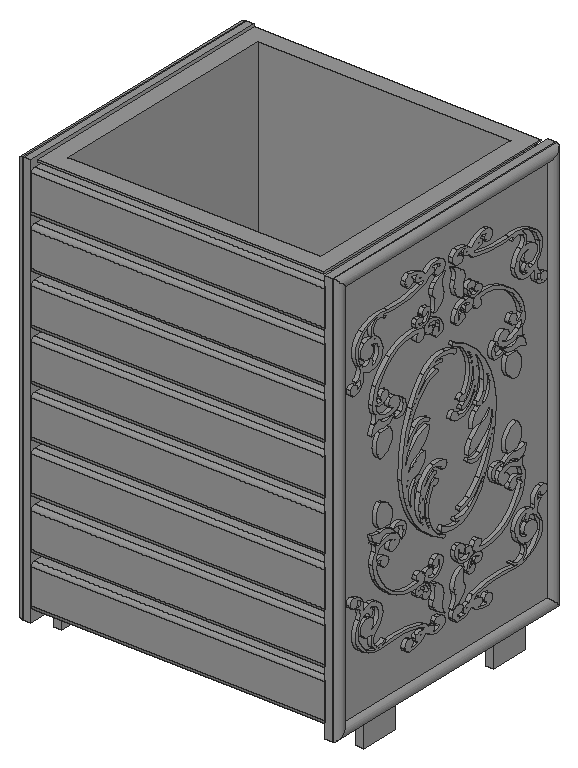
Revit family "Урна чугунная «Ампир КОМБИ-2» Арт 7292", category Антураж, Revit 2018 (continued)
Automatic sketch dimensions
  Extrusion 13 sketch curve to Extrusion 13 sketch curve = 34.094 mm
  Extrusion 13 sketch curve to Extrusion 13 sketch curve = 30.647 mm  (x2)
  Extrusion 13 sketch curve to Extrusion 13 sketch curve = 79.198 mm
  Extrusion 13 sketch curve to Extrusion 13 sketch curve = 0.737 mm  (x4)
  Extrusion 13 sketch curve to Extrusion 13 sketch curve = 83.206 mm
  Extrusion 13 sketch curve to Extrusion 13 sketch curve = 9.611 mm  (x4)
  Extrusion 13 sketch curve to Extrusion 13 sketch curve = 16.217 mm  (x2)
  Extrusion 13 sketch curve to Extrusion 13 sketch curve = 65.778 mm
  Extrusion 13 sketch curve to Extrusion 13 sketch curve = 65.807 mm
  Extrusion 13 sketch curve to Extrusion 13 sketch curve = 5.869 mm  (x2)
  Extrusion 13 sketch curve to Extrusion 13 sketch curve = 79.193 mm
  Extrusion 13 sketch curve to Extrusion 13 sketch curve = 26.635 mm
  Extrusion 13 sketch curve to Extrusion 13 sketch curve = 5.48 mm  (x2)
  Extrusion 13 sketch curve to Extrusion 13 sketch curve = 5.101 mm
  Extrusion 13 sketch curve to Extrusion 13 sketch curve = 8.572 mm  (x2)
  Extrusion 13 sketch curve to Extrusion 13 sketch curve = 0 mm  (x6)
  Extrusion 13 sketch curve to Extrusion 13 sketch curve = 1.003 mm  (x6)
  Extrusion 13 sketch curve to Extrusion 13 sketch curve = 4.439 mm  (x2)
  Extrusion 13 sketch curve to Extrusion 13 sketch curve = 4.163 mm  (x4)
  Extrusion 13 sketch curve to Extrusion 13 sketch curve = 1.131 mm  (x2)
  Extrusion 13 sketch curve to Extrusion 13 sketch curve = 4.133 mm  (x2)
  Extrusion 14 sketch curve to Extrusion 14 sketch curve = 0 mm  (x58)
  Extrusion 14 sketch curve to plane 1 "По центру (Вперед/Назад)" = 90.278 mm
  Extrusion 14 sketch curve to Extrusion 14 sketch curve = 19.785 mm
  Extrusion 14 sketch curve to Extrusion 14 sketch curve = 24.099 mm  (x2)
  Extrusion 14 sketch curve to Extrusion 14 sketch curve = 3.085 mm  (x2)
  Extrusion 14 sketch curve to Extrusion 14 sketch curve = 3.268 mm  (x2)
  Extrusion 14 sketch curve to Extrusion 14 sketch curve = 0.804 mm  (x2)
  Extrusion 14 sketch curve to Extrusion 14 sketch curve = 0.713 mm  (x2)
  Extrusion 14 sketch curve to Extrusion 14 sketch curve = 16.19 mm  (x2)
  Extrusion 14 sketch curve to Extrusion 14 sketch curve = 7.142 mm  (x2)
  Extrusion 14 sketch curve to Extrusion 14 sketch curve = 0.668 mm  (x3)
  Extrusion 14 sketch curve to Extrusion 14 sketch curve = 0.747 mm
  Extrusion 14 sketch curve to Extrusion 14 sketch curve = 1.985 mm  (x2)
  Extrusion 14 sketch curve to Extrusion 14 sketch curve = 5.226 mm  (x2)
  Extrusion 14 sketch curve to Extrusion 14 sketch curve = 10.014 mm  (x2)
  Extrusion 14 sketch curve to Extrusion 14 sketch curve = 0.521 mm  (x2)
  Extrusion 14 sketch curve to Extrusion 14 sketch curve = 9.939 mm
  Extrusion 14 sketch curve to Extrusion 14 sketch curve = 10.054 mm
  Extrusion 14 sketch curve to Extrusion 14 sketch curve = 4.485 mm
  Extrusion 14 sketch curve to Extrusion 14 sketch curve = 9.757 mm  (x2)
  Extrusion 14 sketch curve to Extrusion 14 sketch curve = 17.764 mm
  Extrusion 14 sketch curve to Extrusion 14 sketch curve = 6.447 mm  (x2)
  Extrusion 14 sketch curve to Extrusion 14 sketch curve = 1.53 mm  (x2)
  Extrusion 14 sketch curve to Extrusion 14 sketch curve = 14.218 mm  (x2)
  Extrusion 14 sketch curve to Extrusion 14 sketch curve = 3.509 mm  (x2)
  Extrusion 14 sketch curve to Extrusion 14 sketch curve = 0.439 mm  (x2)
  Extrusion 14 sketch curve to Extrusion 14 sketch curve = 0.489 mm  (x2)
  Extrusion 14 sketch curve to Extrusion 14 sketch curve = 12.036 mm
  Extrusion 14 sketch curve to Extrusion 14 sketch curve = 4.477 mm  (x2)
  Extrusion 14 sketch curve to Extrusion 14 sketch curve = 2.143 mm
  Extrusion 14 sketch curve to Extrusion 14 sketch curve = 4.299 mm  (x2)
  Extrusion 14 sketch curve to Extrusion 14 sketch curve = 1.27 mm  (x2)
  Extrusion 14 sketch curve to Extrusion 14 sketch curve = 1.348 mm
  Extrusion 14 sketch curve to Extrusion 14 sketch curve = 4.606 mm  (x4)
  Extrusion 14 sketch curve to Extrusion 14 sketch curve = 0.436 mm  (x2)
  Extrusion 14 sketch curve to Extrusion 14 sketch curve = 2.289 mm  (x2)
  Extrusion 14 sketch curve to Extrusion 14 sketch curve = 6.781 mm
  Extrusion 14 sketch curve to Extrusion 14 sketch curve = 8.581 mm  (x2)
  Extrusion 14 sketch curve to Extrusion 14 sketch curve = 3.621 mm  (x2)
  Extrusion 14 sketch curve to Extrusion 14 sketch curve = 2.417 mm
  Extrusion 14 sketch curve to Extrusion 14 sketch curve = 5.774 mm
  Extrusion 14 sketch curve to Extrusion 14 sketch curve = 1.417 mm
  Extrusion 14 sketch curve to Extrusion 14 sketch curve = 1.915 mm  (x2)
  Extrusion 14 sketch curve to Extrusion 14 sketch curve = 0.619 mm
  Extrusion 14 sketch curve to Extrusion 14 sketch curve = 2.552 mm
  Extrusion 14 sketch curve to Extrusion 14 sketch curve = 3.149 mm
  Extrusion 14 sketch curve to Extrusion 14 sketch curve = 0.973 mm  (x2)
  Extrusion 14 sketch curve to Extrusion 14 sketch curve = 2.964 mm
  Extrusion 14 sketch curve to Extrusion 14 sketch curve = 0.869 mm  (x2)
  Extrusion 14 sketch curve to Extrusion 14 sketch curve = 0.536 mm  (x2)
  Extrusion 14 sketch curve to Extrusion 14 sketch curve = 4.014 mm  (x2)
  Extrusion 14 sketch curve to Extrusion 14 sketch curve = 1.28 mm  (x2)
  Extrusion 14 sketch curve to Extrusion 14 sketch curve = 7.725 mm
  Extrusion 14 sketch curve to Extrusion 14 sketch curve = 2.492 mm  (x2)
  Extrusion 14 sketch curve to Extrusion 14 sketch curve = 3.598 mm  (x2)
  Extrusion 14 sketch curve to Extrusion 14 sketch curve = 4.198 mm
  Extrusion 14 sketch curve to Extrusion 14 sketch curve = 1.249 mm
  Extrusion 14 sketch curve to Extrusion 14 sketch curve = 0.221 mm  (x4)
  Extrusion 14 sketch curve to Extrusion 14 sketch curve = 2.024 mm  (x2)
  Extrusion 14 sketch curve to Extrusion 14 sketch curve = 0.61 mm  (x2)
  Extrusion 14 sketch curve to Extrusion 14 sketch curve = 8.733 mm  (x2)
  Extrusion 14 sketch curve to Extrusion 14 sketch curve = 0.056 mm
  Extrusion 14 sketch curve to Extrusion 14 sketch curve = 1.423 mm
  Extrusion 14 sketch curve to Extrusion 14 sketch curve = 12.648 mm
  Extrusion 14 sketch curve to Extrusion 14 sketch curve = 1.065 mm
  Extrusion 14 sketch curve to Extrusion 14 sketch curve = 0.477 mm
  Extrusion 14 sketch curve to Extrusion 14 sketch curve = 20.74 mm
  Extrusion 14 sketch curve to Extrusion 14 sketch curve = 8.19 mm
  Extrusion 14 sketch curve to Extrusion 14 sketch curve = 0.497 mm
  Extrusion 14 sketch curve to Extrusion 14 sketch curve = 4.244 mm
  Extrusion 14 sketch curve to Extrusion 14 sketch curve = 21.609 mm
  Extrusion 14 sketch curve to Extrusion 14 sketch curve = 5.381 mm
  Extrusion 14 sketch curve to Extrusion 14 sketch curve = 9.464 mm
  Extrusion 14 sketch curve to Extrusion 14 sketch curve = 7.192 mm
  Extrusion 14 sketch curve to Extrusion 14 sketch curve = 5.852 mm
  Extrusion 14 sketch curve to Extrusion 14 sketch curve = 0.706 mm
  Extrusion 14 sketch curve to Extrusion 14 sketch curve = 11.843 mm
  Extrusion 14 sketch curve to Extrusion 14 sketch curve = 23.338 mm
  Extrusion 14 sketch curve to Extrusion 14 sketch curve = 7.366 mm
  Extrusion 14 sketch curve to Extrusion 14 sketch curve = 2.574 mm
  Extrusion 14 sketch curve to Extrusion 14 sketch curve = 11.177 mm
  Extrusion 14 sketch curve to plane 6 = 156.099 mm
  Extrusion 14 sketch curve to Extrusion 14 sketch curve = 8.035 mm  (x2)
  Extrusion 14 sketch curve to Extrusion 14 sketch curve = 1.232 mm  (x2)
  Extrusion 14 sketch curve to Extrusion 14 sketch curve = 9.162 mm  (x2)
  Extrusion 14 sketch curve to Extrusion 14 sketch curve = 13.801 mm
  Extrusion 14 sketch curve to Extrusion 14 sketch curve = 4.504 mm
  Extrusion 14 sketch curve to Extrusion 14 sketch curve = 1.206 mm  (x2)
  Extrusion 14 sketch curve to Extrusion 14 sketch curve = 3.444 mm
  Extrusion 14 sketch curve to Extrusion 14 sketch curve = 1.493 mm
  Extrusion 14 sketch curve to Extrusion 14 sketch curve = 2.238 mm  (x2)
  Extrusion 14 sketch curve to Extrusion 14 sketch curve = 0.236 mm  (x2)
  Extrusion 14 sketch curve to Extrusion 14 sketch curve = 3.199 mm
  Extrusion 14 sketch curve to Extrusion 14 sketch curve = 1.774 mm  (x2)
  Extrusion 14 sketch curve to Extrusion 14 sketch curve = 4.309 mm  (x2)
  Extrusion 14 sketch curve to Extrusion 14 sketch curve = 0.528 mm  (x2)
  Extrusion 14 sketch curve to Extrusion 14 sketch curve = 1.857 mm
  Extrusion 14 sketch curve to Extrusion 14 sketch curve = 2.675 mm  (x2)
  Extrusion 14 sketch curve to Extrusion 14 sketch curve = 0.051 mm  (x2)
  Extrusion 14 sketch curve to Extrusion 14 sketch curve = 1.115 mm  (x2)
  Extrusion 14 sketch curve to Extrusion 14 sketch curve = 0.463 mm  (x2)
  Extrusion 14 sketch curve to Extrusion 14 sketch curve = 10.068 mm
  Extrusion 14 sketch curve to Extrusion 14 sketch curve = 13.197 mm
  Extrusion 14 sketch curve to Extrusion 14 sketch curve = 4.235 mm
  Extrusion 14 sketch curve to Extrusion 14 sketch curve = 0.644 mm  (x2)
  Extrusion 14 sketch curve to Extrusion 14 sketch curve = 0.967 mm
  Extrusion 14 sketch curve to Extrusion 14 sketch curve = 19.732 mm
  Extrusion 14 sketch curve to Extrusion 14 sketch curve = 7.359 mm  (x2)
  Extrusion 14 sketch curve to Extrusion 14 sketch curve = 2.912 mm
  Extrusion 14 sketch curve to Extrusion 14 sketch curve = 5.976 mm
  Extrusion 14 sketch curve to Extrusion 14 sketch curve = 4.49 mm  (x2)
  Extrusion 14 sketch curve to Extrusion 14 sketch curve = 7.627 mm
  Extrusion 14 sketch curve to Extrusion 14 sketch curve = 3.982 mm  (x2)
  Extrusion 14 sketch curve to Extrusion 14 sketch curve = 7.861 mm  (x2)
  Extrusion 14 sketch curve to Extrusion 14 sketch curve = 11.421 mm
  Extrusion 14 sketch curve to Extrusion 14 sketch curve = 6.295 mm  (x2)
  Extrusion 14 sketch curve to Extrusion 14 sketch curve = 6.903 mm
  Extrusion 14 sketch curve to Extrusion 14 sketch curve = 6.161 mm  (x2)
  Extrusion 14 sketch curve to Extrusion 14 sketch curve = 9.813 mm  (x2)
  Extrusion 14 sketch curve to Extrusion 14 sketch curve = 3.262 mm  (x2)
  Extrusion 14 sketch curve to Extrusion 14 sketch curve = 2.678 mm  (x2)
  Extrusion 14 sketch curve to Extrusion 14 sketch curve = 3.283 mm  (x2)
  Extrusion 14 sketch curve to Extrusion 14 sketch curve = 6.422 mm  (x2)
  Extrusion 14 sketch curve to Extrusion 14 sketch curve = 7.221 mm  (x2)
  Extrusion 14 sketch curve to Extrusion 14 sketch curve = 4.5 mm
  Extrusion 14 sketch curve to Extrusion 14 sketch curve = 1.529 mm  (x2)
  Extrusion 14 sketch curve to Extrusion 14 sketch curve = 1.192 mm  (x2)
  Extrusion 14 sketch curve to Extrusion 14 sketch curve = 7.073 mm  (x2)
  Extrusion 14 sketch curve to Extrusion 14 sketch curve = 22.921 mm
  Extrusion 14 sketch curve to Extrusion 14 sketch curve = 14.095 mm  (x2)
  Extrusion 14 sketch curve to Extrusion 14 sketch curve = 5.021 mm
  Extrusion 14 sketch curve to Extrusion 14 sketch curve = 5.457 mm  (x2)
  Extrusion 14 sketch curve to Extrusion 14 sketch curve = 2.177 mm  (x2)
  Extrusion 14 sketch curve to Extrusion 14 sketch curve = 2.934 mm  (x2)
  Extrusion 14 sketch curve to Extrusion 14 sketch curve = 1.556 mm  (x2)
  Extrusion 14 sketch curve to Extrusion 14 sketch curve = 2.583 mm  (x2)
  Extrusion 14 sketch curve to Extrusion 14 sketch curve = 3.039 mm  (x2)
  Extrusion 14 sketch curve to Extrusion 14 sketch curve = 8.562 mm  (x2)
  Extrusion 14 sketch curve to Extrusion 14 sketch curve = 12.578 mm
  Extrusion 14 sketch curve to Extrusion 14 sketch curve = 0.259 mm
  Extrusion 14 sketch curve to Extrusion 14 sketch curve = 17.337 mm
  Extrusion 14 sketch curve to Extrusion 14 sketch curve = 4.624 mm
  Extrusion 14 sketch curve to Extrusion 14 sketch curve = 3.828 mm
  Extrusion 14 sketch curve to Extrusion 14 sketch curve = 6.194 mm
  Extrusion 14 sketch curve to Extrusion 14 sketch curve = 9.707 mm
  Extrusion 14 sketch curve to Extrusion 14 sketch curve = 12.75 mm
  Extrusion 14 sketch curve to Extrusion 14 sketch curve = 1.578 mm
  Extrusion 14 sketch curve to Extrusion 14 sketch curve = 0.212 mm
  Extrusion 14 sketch curve to Extrusion 14 sketch curve = 4.167 mm
  Extrusion 14 sketch curve to Extrusion 14 sketch curve = 4.748 mm
  Extrusion 14 sketch curve to Extrusion 14 sketch curve = 12.682 mm
  Extrusion 14 sketch curve to Extrusion 14 sketch curve = 0.217 mm
  Extrusion 14 sketch curve to Extrusion 14 sketch curve = 1.831 mm
  Extrusion 14 sketch curve to Extrusion 14 sketch curve = 2.726 mm
  Extrusion 14 sketch curve to Extrusion 14 sketch curve = 0.745 mm
  Extrusion 14 sketch curve to Extrusion 14 sketch curve = 4.711 mm
  Extrusion 14 sketch curve to Extrusion 14 sketch curve = 9.441 mm
  Extrusion 14 sketch curve to Extrusion 14 sketch curve = 18.304 mm
  Extrusion 14 sketch curve to Extrusion 14 sketch curve = 18.337 mm
  Extrusion 14 sketch curve to Extrusion 14 sketch curve = 5.431 mm
  Extrusion 14 sketch curve to Extrusion 14 sketch curve = 5.297 mm
  Extrusion 14 sketch curve to Extrusion 14 sketch curve = 0.917 mm
  Extrusion 14 sketch curve to Extrusion 14 sketch curve = 3.433 mm  (x2)
  Extrusion 14 sketch curve to Extrusion 14 sketch curve = 3.109 mm
  Extrusion 14 sketch curve to Extrusion 14 sketch curve = 4.398 mm
  Extrusion 14 sketch curve to Extrusion 14 sketch curve = 4.386 mm
  Extrusion 14 sketch curve to Extrusion 14 sketch curve = 5.964 mm
  Extrusion 14 sketch curve to Extrusion 14 sketch curve = 3.229 mm  (x2)
  Extrusion 14 sketch curve to Extrusion 14 sketch curve = 8.819 mm
  Extrusion 14 sketch curve to Extrusion 14 sketch curve = 8.486 mm
  Extrusion 14 sketch curve to Extrusion 14 sketch curve = 8.76 mm
  Extrusion 14 sketch curve to Extrusion 14 sketch curve = 4.538 mm  (x2)
  Extrusion 14 sketch curve to Extrusion 14 sketch curve = 3.755 mm  (x2)
  Extrusion 14 sketch curve to Extrusion 14 sketch curve = 6.482 mm
  Extrusion 14 sketch curve to Extrusion 14 sketch curve = 0.92 mm  (x3)
  Extrusion 14 sketch curve to Extrusion 14 sketch curve = 13.179 mm
  Extrusion 14 sketch curve to Extrusion 14 sketch curve = 3.079 mm
  Extrusion 14 sketch curve to Extrusion 14 sketch curve = 1.204 mm  (x2)
  Extrusion 14 sketch curve to Extrusion 14 sketch curve = 1.752 mm
  Extrusion 14 sketch curve to Extrusion 14 sketch curve = 0.588 mm  (x2)
  Extrusion 14 sketch curve to Extrusion 14 sketch curve = 5.313 mm  (x2)
  Extrusion 14 sketch curve to Extrusion 14 sketch curve = 3.976 mm
  Extrusion 14 sketch curve to Extrusion 14 sketch curve = 1.916 mm
  Extrusion 14 sketch curve to Extrusion 14 sketch curve = 4.507 mm  (x2)
  Extrusion 14 sketch curve to Extrusion 14 sketch curve = 13.579 mm  (x2)
  Extrusion 14 sketch curve to Extrusion 14 sketch curve = 0.748 mm  (x2)
  Extrusion 14 sketch curve to Extrusion 14 sketch curve = 0.966 mm  (x2)
  Extrusion 14 sketch curve to Extrusion 14 sketch curve = 9.541 mm
  Extrusion 14 sketch curve to Extrusion 14 sketch curve = 1.763 mm  (x2)
  Extrusion 14 sketch curve to Extrusion 14 sketch curve = 1.654 mm
  Extrusion 14 sketch curve to Extrusion 14 sketch curve = 0.811 mm  (x2)
  Extrusion 14 sketch curve to Extrusion 14 sketch curve = 1.615 mm  (x2)
  Extrusion 14 sketch curve to Extrusion 14 sketch curve = 7.118 mm
  Extrusion 14 sketch curve to Extrusion 14 sketch curve = 2.449 mm
  Extrusion 14 sketch curve to Extrusion 14 sketch curve = 1.451 mm
  Extrusion 14 sketch curve to Extrusion 14 sketch curve = 0.749 mm
  Extrusion 14 sketch curve to Extrusion 14 sketch curve = 0.357 mm
  Extrusion 14 sketch curve to Extrusion 14 sketch curve = 0.409 mm
  Extrusion 14 sketch curve to Extrusion 14 sketch curve = 7.887 mm
  Extrusion 14 sketch curve to Extrusion 14 sketch curve = 1.139 mm
  Extrusion 14 sketch curve to Extrusion 14 sketch curve = 1.016 mm
  Extrusion 14 sketch curve to Extrusion 14 sketch curve = 9.341 mm
  Extrusion 14 sketch curve to Extrusion 14 sketch curve = 1.332 mm
  Extrusion 14 sketch curve to Extrusion 14 sketch curve = 1.268 mm
  Extrusion 14 sketch curve to Extrusion 14 sketch curve = 4.853 mm
  Extrusion 14 sketch curve to Extrusion 14 sketch curve = 0.783 mm
  Extrusion 14 sketch curve to Extrusion 14 sketch curve = 5.653 mm
  Extrusion 14 sketch curve to Extrusion 14 sketch curve = 0.101 mm
  Extrusion 14 sketch curve to Extrusion 14 sketch curve = 11.02 mm
  Extrusion 14 sketch curve to Extrusion 14 sketch curve = 1.992 mm
  Extrusion 14 sketch curve to Extrusion 14 sketch curve = 0.274 mm
  Extrusion 14 sketch curve to Extrusion 14 sketch curve = 4.446 mm
  Extrusion 15 sketch curve to plane 1 "По центру (Вперед/Назад)" = 54.744 mm  (x2)
  Extrusion 15 sketch curve to Extrusion 15 sketch curve = 13.536 mm  (x4)
  Extrusion 15 sketch curve to Extrusion 15 sketch curve = 1.598 mm  (x4)
  Extrusion 15 sketch curve to Extrusion 15 sketch curve = 5.85 mm  (x2)
  Extrusion 15 sketch curve to Extrusion 15 sketch curve = 20.828 mm  (x2)
  Extrusion 15 sketch curve to Extrusion 15 sketch curve = 1.958 mm  (x2)
  Extrusion 15 sketch curve to Extrusion 15 sketch curve = 0.1 mm  (x4)
  Extrusion 15 sketch curve to Extrusion 15 sketch curve = 2.198 mm  (x2)
  Extrusion 15 sketch curve to Extrusion 15 sketch curve = 1.473 mm  (x4)
  Extrusion 15 sketch curve to Extrusion 15 sketch curve = 1.069 mm  (x4)
  Extrusion 15 sketch curve to Extrusion 15 sketch curve = 1.754 mm  (x4)
  Extrusion 15 sketch curve to Extrusion 15 sketch curve = 8.476 mm  (x2)
  Extrusion 15 sketch curve to Extrusion 15 sketch curve = 0.588 mm  (x4)
  Extrusion 15 sketch curve to Extrusion 15 sketch curve = 1.788 mm  (x2)
  Extrusion 15 sketch curve to Extrusion 15 sketch curve = 0.285 mm  (x4)
  Extrusion 15 sketch curve to Extrusion 15 sketch curve = 18.667 mm  (x2)
  Extrusion 15 sketch curve to Extrusion 15 sketch curve = 12.65 mm  (x4)
  Extrusion 15 sketch curve to Extrusion 15 sketch curve = 3.04 mm  (x4)
  Extrusion 15 sketch curve to Extrusion 15 sketch curve = 0.288 mm  (x4)
  Extrusion 15 sketch curve to Extrusion 15 sketch curve = 10.526 mm  (x2)
  Extrusion 15 sketch curve to Extrusion 15 sketch curve = 0.886 mm  (x2)
  Extrusion 15 sketch curve to Extrusion 15 sketch curve = 1.139 mm  (x4)
  Extrusion 15 sketch curve to Extrusion 15 sketch curve = 0.657 mm  (x2)
  Extrusion 15 sketch curve to Extrusion 15 sketch curve = 1.358 mm  (x4)
  Extrusion 15 sketch curve to Extrusion 15 sketch curve = 92.074 mm  (x2)
  Extrusion 15 sketch curve to Extrusion 15 sketch curve = 0.701 mm  (x2)
  Extrusion 15 sketch curve to Extrusion 15 sketch curve = 0.911 mm  (x2)
  Extrusion 15 sketch curve to Extrusion 15 sketch curve = 8.084 mm  (x2)
  Extrusion 15 sketch curve to Extrusion 15 sketch curve = 17.181 mm  (x2)
  Extrusion 15 sketch curve to Extrusion 15 sketch curve = 1.2 mm  (x2)
  Extrusion 15 sketch curve to Extrusion 15 sketch curve = 6.242 mm  (x2)
  Extrusion 15 sketch curve to Extrusion 15 sketch curve = 2.098 mm  (x2)
  Extrusion 15 sketch curve to Extrusion 15 sketch curve = 14.736 mm  (x2)
  Extrusion 15 sketch curve to Extrusion 15 sketch curve = 2.057 mm  (x2)
  Extrusion 15 sketch curve to Extrusion 15 sketch curve = 4.252 mm  (x2)
  Extrusion 15 sketch curve to plane 6 = 120.167 mm
  Extrusion 15 sketch curve to Extrusion 15 sketch curve = 0.024 mm  (x4)
  Extrusion 15 sketch curve to Extrusion 15 sketch curve = 0.749 mm  (x2)
  Extrusion 15 sketch curve to Extrusion 15 sketch curve = 1.265 mm  (x4)
  Extrusion 15 sketch curve to Extrusion 15 sketch curve = 1.983 mm
  Extrusion 15 sketch curve to Extrusion 15 sketch curve = 2.387 mm  (x4)
  Extrusion 15 sketch curve to Extrusion 15 sketch curve = 36.746 mm  (x2)
  Extrusion 15 sketch curve to Extrusion 15 sketch curve = 4.55 mm  (x4)
  Extrusion 15 sketch curve to Extrusion 15 sketch curve = 4.658 mm  (x2)
  Extrusion 15 sketch curve to Extrusion 15 sketch curve = 0.612 mm  (x2)
  Extrusion 15 sketch curve to Extrusion 15 sketch curve = 0.148 mm  (x2)
  Extrusion 15 sketch curve to Extrusion 15 sketch curve = 0.827 mm  (x4)
  Extrusion 15 sketch curve to Extrusion 15 sketch curve = 1.799 mm  (x4)
  Extrusion 15 sketch curve to Extrusion 15 sketch curve = 2.21 mm  (x4)
  Extrusion 15 sketch curve to Extrusion 15 sketch curve = 0.21 mm  (x4)
  Extrusion 15 sketch curve to Extrusion 15 sketch curve = 7.892 mm  (x2)
  Extrusion 15 sketch curve to Extrusion 15 sketch curve = 3.437 mm  (x4)
  Extrusion 15 sketch curve to Extrusion 15 sketch curve = 9.775 mm  (x2)
  Extrusion 15 sketch curve to Extrusion 15 sketch curve = 1.652 mm  (x4)
  Extrusion 15 sketch curve to Extrusion 15 sketch curve = 4.551 mm  (x4)
  Extrusion 15 sketch curve to Extrusion 15 sketch curve = 0.412 mm  (x4)
  Extrusion 15 sketch curve to Extrusion 15 sketch curve = 1.72 mm  (x4)
  Extrusion 15 sketch curve to Extrusion 15 sketch curve = 0.414 mm  (x4)
  Extrusion 15 sketch curve to Extrusion 15 sketch curve = 21.257 mm  (x2)
  Extrusion 15 sketch curve to Extrusion 15 sketch curve = 31.371 mm  (x4)
  Extrusion 15 sketch curve to Extrusion 15 sketch curve = 88.545 mm
  Extrusion 15 sketch curve to Extrusion 15 sketch curve = 88.547 mm
  Extrusion 15 sketch curve to Extrusion 15 sketch curve = 3.578 mm  (x2)
  Extrusion 15 sketch curve to Extrusion 15 sketch curve = 1.279 mm  (x2)
  Extrusion 15 sketch curve to Extrusion 15 sketch curve = 9.565 mm  (x2)
  Extrusion 15 sketch curve to Extrusion 15 sketch curve = 2.78 mm  (x2)
  Extrusion 15 sketch curve to Extrusion 15 sketch curve = 0.678 mm  (x2)
  Extrusion 15 sketch curve to Extrusion 15 sketch curve = 0.868 mm  (x2)
  Extrusion 15 sketch curve to Extrusion 15 sketch curve = 52.733 mm  (x2)
  Extrusion 15 sketch curve to Extrusion 15 sketch curve = 0.54 mm  (x2)
  Extrusion 15 sketch curve to Extrusion 15 sketch curve = 11.57 mm  (x2)
  Extrusion 15 sketch curve to Extrusion 15 sketch curve = 4.021 mm  (x2)
  Extrusion 15 sketch curve to Extrusion 15 sketch curve = 0 mm  (x47)
  Extrusion 15 sketch curve to Extrusion 15 sketch curve = 3.587 mm  (x2)
  Extrusion 15 sketch curve to Extrusion 15 sketch curve = 1.596 mm  (x6)
  Extrusion 15 sketch curve to Extrusion 15 sketch curve = 4.505 mm  (x4)
  Extrusion 15 sketch curve to Extrusion 15 sketch curve = 1.822 mm  (x4)
  Extrusion 15 sketch curve to Extrusion 15 sketch curve = 1.868 mm  (x2)
  Extrusion 15 sketch curve to Extrusion 15 sketch curve = 3.173 mm  (x2)
  Extrusion 15 sketch curve to Extrusion 15 sketch curve = 1.973 mm  (x3)
  Extrusion 15 sketch curve to Extrusion 15 sketch curve = 2.333 mm  (x3)
  Extrusion 15 sketch curve to Extrusion 15 sketch curve = 2.048 mm  (x3)
  Extrusion 15 sketch curve to Extrusion 15 sketch curve = 3.375 mm  (x2)
  Extrusion 15 sketch curve to Extrusion 15 sketch curve = 0.039 mm  (x4)
  Extrusion 15 sketch curve to Extrusion 15 sketch curve = 6.894 mm  (x2)
  Extrusion 15 sketch curve to Extrusion 15 sketch curve = 0.628 mm  (x2)
  Extrusion 15 sketch curve to Extrusion 15 sketch curve = 5.165 mm  (x2)
  Extrusion 15 sketch curve to Extrusion 15 sketch curve = 0.297 mm  (x2)
  Extrusion 15 sketch curve to Extrusion 15 sketch curve = 0.654 mm  (x2)
  Extrusion 16 sketch curve to plane 1 "По центру (Вперед/Назад)" = 66.984 mm  (x2)
  Extrusion 16 sketch curve to Extrusion 16 sketch curve = 1.806 mm  (x4)
  Extrusion 16 sketch curve to Extrusion 16 sketch curve = 5.666 mm  (x2)
  Extrusion 16 sketch curve to Extrusion 16 sketch curve = 4.155 mm  (x4)
  Extrusion 16 sketch curve to Extrusion 16 sketch curve = 6.752 mm  (x2)
  Extrusion 16 sketch curve to Extrusion 16 sketch curve = 4.477 mm  (x2)
  Extrusion 16 sketch curve to Extrusion 16 sketch curve = 1.809 mm  (x4)
  Extrusion 16 sketch curve to Extrusion 16 sketch curve = 3.503 mm  (x4)
  Extrusion 16 sketch curve to Extrusion 16 sketch curve = 6.015 mm  (x2)
  Extrusion 16 sketch curve to Extrusion 16 sketch curve = 4.895 mm  (x4)
  Extrusion 16 sketch curve to Extrusion 16 sketch curve = 34.322 mm  (x2)
  Extrusion 16 sketch curve to Extrusion 16 sketch curve = 1.011 mm  (x4)
  Extrusion 16 sketch curve to Extrusion 16 sketch curve = 0.572 mm  (x4)
  Extrusion 16 sketch curve to Extrusion 16 sketch curve = 0.232 mm  (x4)
  Extrusion 16 sketch curve to Extrusion 16 sketch curve = 1.974 mm  (x2)
  Extrusion 16 sketch curve to Extrusion 16 sketch curve = 0.495 mm  (x4)
  Extrusion 16 sketch curve to Extrusion 16 sketch curve = 1.368 mm  (x2)
  Extrusion 16 sketch curve to Extrusion 16 sketch curve = 0.206 mm  (x4)
  Extrusion 16 sketch curve to Extrusion 16 sketch curve = 1.659 mm  (x4)
  Extrusion 16 sketch curve to Extrusion 16 sketch curve = 0.322 mm  (x4)
  Extrusion 16 sketch curve to Extrusion 16 sketch curve = 3.323 mm  (x2)
  Extrusion 16 sketch curve to Extrusion 16 sketch curve = 0.188 mm  (x4)
  Extrusion 16 sketch curve to Extrusion 16 sketch curve = 2.481 mm  (x4)
  Extrusion 16 sketch curve to Extrusion 16 sketch curve = 0.198 mm  (x4)
  Extrusion 16 sketch curve to Extrusion 16 sketch curve = 1.476 mm  (x2)
  Extrusion 16 sketch curve to Extrusion 16 sketch curve = 14.09 mm  (x2)
  Extrusion 16 sketch curve to Extrusion 16 sketch curve = 0.85 mm  (x4)
  Extrusion 16 sketch curve to Extrusion 16 sketch curve = 0.863 mm  (x4)
  Extrusion 16 sketch curve to Extrusion 16 sketch curve = 1.955 mm  (x2)
  Extrusion 16 sketch curve to Extrusion 16 sketch curve = 0.663 mm  (x4)
  Extrusion 16 sketch curve to Extrusion 16 sketch curve = 0.74 mm  (x4)
  Extrusion 16 sketch curve to Extrusion 16 sketch curve = 2.212 mm  (x2)
  Extrusion 16 sketch curve to Extrusion 16 sketch curve = 1.394 mm  (x4)
  Extrusion 16 sketch curve to Extrusion 16 sketch curve = 0.481 mm  (x4)
  Extrusion 16 sketch curve to Extrusion 16 sketch curve = 0.36 mm  (x4)
  Extrusion 16 sketch curve to Extrusion 16 sketch curve = 2.034 mm  (x4)
  Extrusion 16 sketch curve to Extrusion 16 sketch curve = 2.139 mm  (x2)
  Extrusion 16 sketch curve to Extrusion 16 sketch curve = 0.207 mm  (x4)
  Extrusion 16 sketch curve to Extrusion 16 sketch curve = 1.598 mm  (x2)
  Extrusion 16 sketch curve to Extrusion 16 sketch curve = 2.032 mm  (x4)
  Extrusion 16 sketch curve to Extrusion 16 sketch curve = 0.295 mm  (x4)
  Extrusion 16 sketch curve to Extrusion 16 sketch curve = 0.428 mm  (x2)
  Extrusion 16 sketch curve to Extrusion 16 sketch curve = 34.111 mm  (x2)
  Extrusion 16 sketch curve to Extrusion 16 sketch curve = 0.134 mm  (x2)
  Extrusion 16 sketch curve to Extrusion 16 sketch curve = 1.391 mm  (x2)
  Extrusion 16 sketch curve to Extrusion 16 sketch curve = 2.346 mm  (x2)
  Extrusion 16 sketch curve to Extrusion 16 sketch curve = 3.706 mm  (x2)
  Extrusion 16 sketch curve to Extrusion 16 sketch curve = 1.756 mm  (x2)
  Extrusion 16 sketch curve to Extrusion 16 sketch curve = 1.646 mm  (x2)
  Extrusion 16 sketch curve to Extrusion 16 sketch curve = 1.278 mm  (x2)
  Extrusion 16 sketch curve to Extrusion 16 sketch curve = 3.189 mm  (x2)
  Extrusion 16 sketch curve to Extrusion 16 sketch curve = 3.061 mm  (x2)
  Extrusion 16 sketch curve to Extrusion 16 sketch curve = 1.742 mm  (x2)
  Extrusion 16 sketch curve to Extrusion 16 sketch curve = 49.504 mm  (x2)
  Extrusion 16 sketch curve to Extrusion 16 sketch curve = 4.192 mm  (x2)
  Extrusion 16 sketch curve to Extrusion 16 sketch curve = 6.286 mm  (x2)
  Extrusion 16 sketch curve to Extrusion 16 sketch curve = 11.23 mm  (x2)
  Extrusion 16 sketch curve to Extrusion 16 sketch curve = 16.574 mm  (x2)
  Extrusion 16 sketch curve to plane 6 = 97.886 mm
  Extrusion 16 sketch curve to Extrusion 16 sketch curve = 0.405 mm  (x2)
  Extrusion 16 sketch curve to Extrusion 16 sketch curve = 0.409 mm  (x2)
  Extrusion 16 sketch curve to Extrusion 16 sketch curve = 1.118 mm  (x4)
  Extrusion 16 sketch curve to Extrusion 16 sketch curve = 0.49 mm  (x4)
  Extrusion 16 sketch curve to Extrusion 16 sketch curve = 0.987 mm  (x4)
  Extrusion 16 sketch curve to Extrusion 16 sketch curve = 1.637 mm
  Extrusion 16 sketch curve to Extrusion 16 sketch curve = 0.671 mm  (x4)
  Extrusion 16 sketch curve to Extrusion 16 sketch curve = 1.833 mm  (x4)
  Extrusion 16 sketch curve to Extrusion 16 sketch curve = 1.024 mm  (x4)
  Extrusion 16 sketch curve to Extrusion 16 sketch curve = 2.552 mm  (x2)
  Extrusion 16 sketch curve to Extrusion 16 sketch curve = 0.121 mm  (x8)
  Extrusion 16 sketch curve to Extrusion 16 sketch curve = 2.479 mm  (x2)
  Extrusion 16 sketch curve to Extrusion 16 sketch curve = 0.083 mm  (x4)
  Extrusion 16 sketch curve to Extrusion 16 sketch curve = 0.126 mm  (x2)
  Extrusion 16 sketch curve to Extrusion 16 sketch curve = 2.097 mm  (x2)
  Extrusion 16 sketch curve to Extrusion 16 sketch curve = 8.501 mm  (x2)
  Extrusion 16 sketch curve to Extrusion 16 sketch curve = 0.171 mm  (x2)
  Extrusion 16 sketch curve to Extrusion 16 sketch curve = 0.878 mm  (x4)
  Extrusion 16 sketch curve to Extrusion 16 sketch curve = 3.036 mm  (x2)
  Extrusion 16 sketch curve to Extrusion 16 sketch curve = 0.255 mm  (x4)
  Extrusion 16 sketch curve to Extrusion 16 sketch curve = 2.081 mm  (x2)
  Extrusion 16 sketch curve to Extrusion 16 sketch curve = 3.001 mm  (x2)
  Extrusion 16 sketch curve to Extrusion 16 sketch curve = 0.438 mm  (x4)
  Extrusion 16 sketch curve to Extrusion 16 sketch curve = 0.653 mm  (x2)
  Extrusion 16 sketch curve to Extrusion 16 sketch curve = 0.98 mm  (x4)
  Extrusion 16 sketch curve to Extrusion 16 sketch curve = 2.214 mm  (x2)
  Extrusion 16 sketch curve to Extrusion 16 sketch curve = 1.872 mm  (x4)
  Extrusion 16 sketch curve to Extrusion 16 sketch curve = 3.536 mm  (x4)
  Extrusion 16 sketch curve to Extrusion 16 sketch curve = 1.323 mm  (x4)
  Extrusion 16 sketch curve to Extrusion 16 sketch curve = 0.571 mm  (x4)
  Extrusion 16 sketch curve to Extrusion 16 sketch curve = 0.648 mm  (x4)
  Extrusion 16 sketch curve to Extrusion 16 sketch curve = 1.313 mm  (x4)
  Extrusion 16 sketch curve to Extrusion 16 sketch curve = 2.617 mm  (x2)
  Extrusion 16 sketch curve to Extrusion 16 sketch curve = 52.563 mm  (x2)
  Extrusion 16 sketch curve to Extrusion 16 sketch curve = 2.332 mm  (x2)
  Extrusion 16 sketch curve to Extrusion 16 sketch curve = 1.831 mm  (x4)
  Extrusion 16 sketch curve to Extrusion 16 sketch curve = 6.917 mm  (x4)
  Extrusion 16 sketch curve to Extrusion 16 sketch curve = 8.119 mm  (x2)
  Extrusion 16 sketch curve to Extrusion 16 sketch curve = 3.477 mm  (x2)
  Extrusion 16 sketch curve to Extrusion 16 sketch curve = 2.186 mm  (x4)
  Extrusion 16 sketch curve to Extrusion 16 sketch curve = 1.367 mm  (x4)
  Extrusion 16 sketch curve to Extrusion 16 sketch curve = 9.64 mm  (x4)
  Extrusion 16 sketch curve to Extrusion 16 sketch curve = 21.299 mm  (x4)
  Extrusion 16 sketch curve to Extrusion 16 sketch curve = 72.046 mm
  Extrusion 16 sketch curve to Extrusion 16 sketch curve = 72.157 mm
  Extrusion 16 sketch curve to Extrusion 16 sketch curve = 5.663 mm  (x2)
  Extrusion 16 sketch curve to Extrusion 16 sketch curve = 4.679 mm  (x2)
  Extrusion 16 sketch curve to Extrusion 16 sketch curve = 3.957 mm  (x2)
  Extrusion 16 sketch curve to Extrusion 16 sketch curve = 50.036 mm
  Extrusion 16 sketch curve to Extrusion 16 sketch curve = 1.087 mm  (x2)
  Extrusion 16 sketch curve to Extrusion 16 sketch curve = 1.708 mm  (x2)
  Extrusion 16 sketch curve to Extrusion 16 sketch curve = 2.153 mm
  Extrusion 16 sketch curve to Extrusion 16 sketch curve = 1.439 mm  (x2)
  Extrusion 16 sketch curve to Extrusion 16 sketch curve = 0.908 mm  (x2)
  Extrusion 16 sketch curve to Extrusion 16 sketch curve = 1.826 mm  (x2)
  Extrusion 16 sketch curve to Extrusion 16 sketch curve = 3.291 mm  (x2)
  Extrusion 16 sketch curve to Extrusion 16 sketch curve = 1.049 mm  (x2)
  Extrusion 16 sketch curve to Extrusion 16 sketch curve = 8.672 mm  (x2)
  Extrusion 16 sketch curve to Extrusion 16 sketch curve = 2.054 mm  (x2)
  Extrusion 16 sketch curve to Extrusion 16 sketch curve = 0.043 mm  (x2)
  Extrusion 16 sketch curve to Extrusion 16 sketch curve = 2.441 mm  (x2)
  Extrusion 16 sketch curve to Extrusion 16 sketch curve = 2.673 mm  (x2)
  Extrusion 16 sketch curve to Extrusion 16 sketch curve = 1.912 mm  (x2)
  Extrusion 16 sketch curve to Extrusion 16 sketch curve = 0.088 mm  (x2)
  Extrusion 16 sketch curve to Extrusion 16 sketch curve = 13.445 mm  (x2)
  Extrusion 16 sketch curve to Extrusion 16 sketch curve = 6.543 mm  (x4)
  Extrusion 16 sketch curve to Extrusion 16 sketch curve = 1.545 mm  (x4)
  Extrusion 16 sketch curve to Extrusion 16 sketch curve = 8.253 mm  (x2)
  Extrusion 16 sketch curve to Extrusion 16 sketch curve = 3.748 mm  (x4)
  Extrusion 16 sketch curve to Extrusion 16 sketch curve = 3.728 mm  (x4)
  Extrusion 16 sketch curve to Extrusion 16 sketch curve = 4.41 mm  (x2)
  Extrusion 16 sketch curve to Extrusion 16 sketch curve = 0 mm  (x66)
  Extrusion 16 sketch curve to Extrusion 16 sketch curve = 4.265 mm  (x2)
  Extrusion 16 sketch curve to Extrusion 16 sketch curve = 1.2 mm  (x2)
  Extrusion 16 sketch curve to Extrusion 16 sketch curve = 0.166 mm  (x2)
  Extrusion 16 sketch curve to Extrusion 16 sketch curve = 1.007 mm  (x4)
  Extrusion 16 sketch curve to Extrusion 16 sketch curve = 6.34 mm  (x2)
  Extrusion 16 sketch curve to Extrusion 16 sketch curve = 0.353 mm  (x4)
  Extrusion 16 sketch curve to Extrusion 16 sketch curve = 1.223 mm  (x2)
  Extrusion 16 sketch curve to Extrusion 16 sketch curve = 0.367 mm  (x4)
  Extrusion 16 sketch curve to Extrusion 16 sketch curve = 3.117 mm  (x4)
  Extrusion 16 sketch curve to Extrusion 16 sketch curve = 0.674 mm  (x2)
  Extrusion 16 sketch curve to Extrusion 16 sketch curve = 0.283 mm  (x4)
  Extrusion 16 sketch curve to Extrusion 16 sketch curve = 1.253 mm  (x4)
  Extrusion 16 sketch curve to Extrusion 16 sketch curve = 1.685 mm  (x2)
  Extrusion 16 sketch curve to Extrusion 16 sketch curve = 6.705 mm  (x2)
  Extrusion 16 sketch curve to Extrusion 16 sketch curve = 3.199 mm  (x2)
  Extrusion 16 sketch curve to Extrusion 16 sketch curve = 3.767 mm  (x2)
  Extrusion 16 sketch curve to Extrusion 16 sketch curve = 0.427 mm  (x2)
  Extrusion 16 sketch curve to Extrusion 16 sketch curve = 3.113 mm  (x2)
  Extrusion 16 sketch curve to Extrusion 16 sketch curve = 5.213 mm  (x2)
  Extrusion 16 sketch curve to Extrusion 16 sketch curve = 1.033 mm  (x2)
  Extrusion 16 sketch curve to Extrusion 16 sketch curve = 2.663 mm  (x2)
  Extrusion 16 sketch curve to Extrusion 16 sketch curve = 1.25 mm  (x2)
  Extrusion 16 sketch curve to Extrusion 16 sketch curve = 11.98 mm  (x2)
  Extrusion 16 sketch curve to Extrusion 16 sketch curve = 0.929 mm  (x2)
  Extrusion 17 sketch curve to Extrusion 17 sketch curve = 0 mm  (x80)
  Extrusion 17 sketch curve to plane 1 "По центру (Вперед/Назад)" = 25.211 mm
  Extrusion 17 sketch curve to plane 1 "По центру (Вперед/Назад)" = 25.227 mm
  Extrusion 17 sketch curve to Extrusion 17 sketch curve = 1.065 mm  (x2)
  Extrusion 17 sketch curve to Extrusion 17 sketch curve = 0.811 mm  (x4)
  Extrusion 17 sketch curve to Extrusion 17 sketch curve = 0.644 mm  (x2)
  Extrusion 17 sketch curve to Extrusion 17 sketch curve = 0.958 mm  (x4)
  Extrusion 17 sketch curve to Extrusion 17 sketch curve = 7.684 mm  (x4)
  Extrusion 17 sketch curve to Extrusion 17 sketch curve = 1.011 mm  (x4)
  Extrusion 17 sketch curve to Extrusion 17 sketch curve = 12.042 mm  (x4)
  Extrusion 17 sketch curve to Extrusion 17 sketch curve = 1.318 mm  (x2)
  Extrusion 17 sketch curve to Extrusion 17 sketch curve = 3.983 mm  (x4)
  Extrusion 17 sketch curve to Extrusion 17 sketch curve = 4.042 mm  (x2)
  Extrusion 17 sketch curve to Extrusion 17 sketch curve = 2.868 mm  (x4)
  Extrusion 17 sketch curve to Extrusion 17 sketch curve = 0.864 mm  (x4)
  Extrusion 17 sketch curve to Extrusion 17 sketch curve = 2.265 mm  (x2)
  Extrusion 17 sketch curve to Extrusion 17 sketch curve = 3.047 mm  (x4)
  Extrusion 17 sketch curve to Extrusion 17 sketch curve = 1.252 mm  (x6)
  Extrusion 17 sketch curve to Extrusion 17 sketch curve = 0.111 mm  (x4)
  Extrusion 17 sketch curve to Extrusion 17 sketch curve = 2.075 mm  (x4)
  Extrusion 17 sketch curve to Extrusion 17 sketch curve = 11.57 mm  (x2)
  Extrusion 17 sketch curve to Extrusion 17 sketch curve = 11.869 mm  (x2)
  Extrusion 17 sketch curve to Extrusion 17 sketch curve = 0.419 mm  (x4)
  Extrusion 17 sketch curve to Extrusion 17 sketch curve = 0.336 mm  (x2)
  Extrusion 17 sketch curve to Extrusion 17 sketch curve = 0.641 mm  (x4)
  Extrusion 17 sketch curve to Extrusion 17 sketch curve = 4.58 mm  (x4)
  Extrusion 17 sketch curve to Extrusion 17 sketch curve = 8.934 mm  (x2)
  Extrusion 17 sketch curve to Extrusion 17 sketch curve = 1.921 mm  (x4)
  Extrusion 17 sketch curve to plane 1 "По центру (Вперед/Назад)" = 94.603 mm
  Extrusion 17 sketch curve to level = 43.584 mm
  Extrusion 17 sketch curve to plane 1 "По центру (Вперед/Назад)" = 94.619 mm
  Extrusion 17 sketch curve to Extrusion 17 sketch curve = 1.886 mm  (x4)
  Extrusion 17 sketch curve to Extrusion 17 sketch curve = 38.089 mm  (x2)
  Extrusion 17 sketch curve to Extrusion 17 sketch curve = 0.032 mm  (x2)
  Extrusion 17 sketch curve to Extrusion 17 sketch curve = 0.007 mm  (x4)
  Extrusion 17 sketch curve to Extrusion 17 sketch curve = 1.033 mm  (x2)
  Extrusion 17 sketch curve to Extrusion 17 sketch curve = 1.25 mm  (x4)
  Extrusion 17 sketch curve to Extrusion 17 sketch curve = 4.072 mm  (x2)
  Extrusion 17 sketch curve to Extrusion 17 sketch curve = 8.575 mm  (x4)
  Extrusion 17 sketch curve to Extrusion 17 sketch curve = 12.551 mm  (x4)
  Extrusion 17 sketch curve to Extrusion 17 sketch curve = 0.625 mm  (x4)
  Extrusion 17 sketch curve to Extrusion 17 sketch curve = 0.159 mm  (x4)
  Extrusion 17 sketch curve to Extrusion 17 sketch curve = 3.124 mm  (x2)
  Extrusion 17 sketch curve to Extrusion 17 sketch curve = 5.483 mm  (x2)
  Extrusion 17 sketch curve to Extrusion 17 sketch curve = 0.313 mm  (x4)
  Extrusion 17 sketch curve to Extrusion 17 sketch curve = 3.346 mm  (x4)
  Extrusion 17 sketch curve to Extrusion 17 sketch curve = 9.173 mm  (x4)
  Extrusion 17 sketch curve to plane 6 = 57.32 mm
  Extrusion 17 sketch curve to Extrusion 17 sketch curve = 9.73 mm  (x4)
  Extrusion 17 sketch curve to Extrusion 17 sketch curve = 1.242 mm  (x2)
  Extrusion 17 sketch curve to plane 6 = 54.76 mm
  Extrusion 17 sketch curve to Extrusion 17 sketch curve = 3.304 mm  (x3)
  Extrusion 17 sketch curve to Extrusion 17 sketch curve = 4.546 mm  (x3)
  Extrusion 17 sketch curve to Extrusion 17 sketch curve = 1.079 mm  (x4)
  Extrusion 17 sketch curve to Extrusion 17 sketch curve = 5.689 mm  (x2)
  Extrusion 17 sketch curve to Extrusion 17 sketch curve = 0.371 mm  (x4)
  Extrusion 17 sketch curve to Extrusion 17 sketch curve = 3.134 mm  (x2)
  Extrusion 17 sketch curve to Extrusion 17 sketch curve = 3.09 mm  (x4)
  Extrusion 17 sketch curve to Extrusion 17 sketch curve = 0.813 mm  (x4)
  Extrusion 17 sketch curve to Extrusion 17 sketch curve = 1.127 mm  (x2)
  Extrusion 17 sketch curve to Extrusion 17 sketch curve = 0.629 mm  (x4)
  Extrusion 17 sketch curve to Extrusion 17 sketch curve = 0.793 mm  (x4)
  Extrusion 17 sketch curve to Extrusion 17 sketch curve = 29.448 mm
  Extrusion 17 sketch curve to Extrusion 17 sketch curve = 29.432 mm
  Extrusion 17 sketch curve to Extrusion 17 sketch curve = 1.756 mm  (x2)
  Extrusion 17 sketch curve to Extrusion 17 sketch curve = 1.14 mm  (x2)
  Extrusion 17 sketch curve to Extrusion 17 sketch curve = 6.061 mm  (x2)
  Extrusion 17 sketch curve to plane 6 = 59.297 mm
  Extrusion 17 sketch curve to Extrusion 17 sketch curve = 2.315 mm  (x2)
  Extrusion 17 sketch curve to Extrusion 17 sketch curve = 2.965 mm  (x2)
  Extrusion 17 sketch curve to Extrusion 17 sketch curve = 7.909 mm  (x2)
  Extrusion 17 sketch curve to Extrusion 17 sketch curve = 4.504 mm  (x2)
  Extrusion 17 sketch curve to Extrusion 17 sketch curve = 1.211 mm  (x2)
  Extrusion 17 sketch curve to level = 44.992 mm
  Extrusion 17 sketch curve to plane 4 = 98.101 mm  (x2)
  Extrusion 17 sketch curve to Extrusion 17 sketch curve = 39.154 mm  (x2)
  Extrusion 17 sketch curve to Extrusion 17 sketch curve = 5.205 mm  (x2)
  Extrusion 17 sketch curve to Extrusion 17 sketch curve = 8.292 mm  (x2)
  Extrusion 17 sketch curve to Extrusion 17 sketch curve = 0.306 mm  (x2)
  Extrusion 17 sketch curve to Extrusion 17 sketch curve = 11.437 mm  (x2)
  Extrusion 17 sketch curve to Extrusion 17 sketch curve = 0.133 mm  (x2)
  Extrusion 17 sketch curve to Extrusion 17 sketch curve = 1.401 mm  (x2)
  Extrusion 17 sketch curve to Extrusion 17 sketch curve = 2.988 mm  (x2)
  Extrusion 17 sketch curve to Extrusion 17 sketch curve = 5.217 mm  (x2)
  Extrusion 17 sketch curve to Extrusion 17 sketch curve = 1.602 mm  (x2)
  Extrusion 17 sketch curve to Extrusion 17 sketch curve = 0.123 mm
  Extrusion 17 sketch curve to Extrusion 17 sketch curve = 2.691 mm
  Extrusion 17 sketch curve to Extrusion 17 sketch curve = 0.012 mm  (x3)
  Extrusion 17 sketch curve to Extrusion 17 sketch curve = 0.209 mm  (x4)
  Extrusion 17 sketch curve to Extrusion 17 sketch curve = 5.383 mm
  Extrusion 17 sketch curve to Extrusion 17 sketch curve = 1.001 mm  (x3)
  Extrusion 17 sketch curve to Extrusion 17 sketch curve = 0.446 mm  (x4)
  Extrusion 17 sketch curve to Extrusion 17 sketch curve = 0.742 mm  (x6)
  Extrusion 17 sketch curve to Extrusion 17 sketch curve = 6.572 mm
  Extrusion 17 sketch curve to Extrusion 17 sketch curve = 0.936 mm  (x3)
  Extrusion 17 sketch curve to Extrusion 17 sketch curve = 4.012 mm  (x2)
  Extrusion 17 sketch curve to Extrusion 17 sketch curve = 7.968 mm  (x4)
  Extrusion 17 sketch curve to Extrusion 17 sketch curve = 1.873 mm  (x4)
  Extrusion 17 sketch curve to Extrusion 17 sketch curve = 0.678 mm  (x4)
  plane 6 to Extrusion 17 sketch curve = 81.897 mm
  Extrusion 17 sketch curve to Extrusion 17 sketch curve = 0.598 mm  (x8)
  plane 6 to Extrusion 17 sketch curve = 83.874 mm
  Extrusion 17 sketch curve to Extrusion 17 sketch curve = 1.382 mm
  Extrusion 17 sketch curve to Extrusion 17 sketch curve = 0.806 mm  (x4)
  Extrusion 17 sketch curve to Extrusion 17 sketch curve = 1.291 mm  (x2)
  Extrusion 17 sketch curve to Extrusion 17 sketch curve = 0.324 mm  (x4)
  Extrusion 17 sketch curve to Extrusion 17 sketch curve = 2.483 mm
  Extrusion 17 sketch curve to Extrusion 17 sketch curve = 0.197 mm
  Extrusion 17 sketch curve to Extrusion 17 sketch curve = 3.889 mm
  Extrusion 17 sketch curve to Extrusion 17 sketch curve = 3.602 mm  (x2)
  Extrusion 17 sketch curve to Extrusion 17 sketch curve = 1.95 mm  (x2)
  Extrusion 17 sketch curve to Extrusion 17 sketch curve = 0.489 mm  (x4)
  Extrusion 17 sketch curve to Extrusion 17 sketch curve = 2.144 mm  (x4)
  Extrusion 17 sketch curve to Extrusion 17 sketch curve = 0.06 mm  (x4)
  Extrusion 17 sketch curve to Extrusion 17 sketch curve = 3.755 mm  (x2)
  Extrusion 17 sketch curve to Extrusion 17 sketch curve = 15.019 mm  (x2)
  Extrusion 17 sketch curve to Extrusion 17 sketch curve = 10.328 mm  (x4)
  Extrusion 17 sketch curve to Extrusion 17 sketch curve = 6.481 mm  (x2)
  Extrusion 17 sketch curve to Extrusion 17 sketch curve = 1.345 mm  (x4)
  Extrusion 17 sketch curve to Extrusion 17 sketch curve = 12.181 mm  (x4)
  Extrusion 17 sketch curve to Extrusion 17 sketch curve = 6.364 mm  (x4)
  Extrusion 17 sketch curve to Extrusion 17 sketch curve = 0.096 mm  (x4)
  Extrusion 17 sketch curve to Extrusion 17 sketch curve = 0.838 mm  (x2)
  Extrusion 17 sketch curve to Extrusion 17 sketch curve = 2.923 mm  (x4)
  Extrusion 17 sketch curve to Extrusion 17 sketch curve = 1.327 mm  (x4)
  Extrusion 17 sketch curve to Extrusion 17 sketch curve = 13.33 mm  (x4)
  Extrusion 17 sketch curve to Extrusion 17 sketch curve = 2.194 mm  (x4)
  Extrusion 17 sketch curve to Extrusion 17 sketch curve = 1.15 mm  (x2)
  Extrusion 17 sketch curve to Extrusion 17 sketch curve = 6.123 mm  (x2)
  Extrusion 17 sketch curve to Extrusion 17 sketch curve = 2.799 mm  (x4)
  Extrusion 17 sketch curve to Extrusion 17 sketch curve = 0.886 mm  (x4)
  Extrusion 17 sketch curve to Extrusion 17 sketch curve = 3.883 mm  (x2)
  Extrusion 17 sketch curve to Extrusion 17 sketch curve = 0.902 mm  (x7)
  Extrusion 17 sketch curve to Extrusion 17 sketch curve = 0.077 mm  (x2)
  Extrusion 17 sketch curve to Extrusion 17 sketch curve = 0.157 mm  (x4)
  Extrusion 17 sketch curve to Extrusion 17 sketch curve = 3.891 mm  (x2)
  Extrusion 17 sketch curve to Extrusion 17 sketch curve = 4.043 mm  (x4)
  Extrusion 17 sketch curve to Extrusion 17 sketch curve = 6.342 mm  (x2)
  Extrusion 17 sketch curve to Extrusion 17 sketch curve = 17.954 mm  (x2)
  Extrusion 17 sketch curve to Extrusion 17 sketch curve = 2.753 mm  (x4)
  Extrusion 17 sketch curve to Extrusion 17 sketch curve = 1.002 mm  (x4)
  Extrusion 17 sketch curve to Extrusion 17 sketch curve = 7.011 mm  (x4)
  Extrusion 17 sketch curve to Extrusion 17 sketch curve = 1.292 mm  (x4)
  Extrusion 17 sketch curve to Extrusion 17 sketch curve = 5.4 mm  (x4)
  Extrusion 17 sketch curve to Extrusion 17 sketch curve = 1.132 mm  (x4)
  level to Extrusion 17 sketch curve = 179.922 mm
  level to Extrusion 17 sketch curve = 177.916 mm
  Extrusion 17 sketch curve to Extrusion 17 sketch curve = 1.802 mm  (x2)
  Extrusion 17 sketch curve to Extrusion 17 sketch curve = 6.054 mm  (x2)
  Extrusion 17 sketch curve to Extrusion 17 sketch curve = 3.811 mm  (x2)
  Extrusion 17 sketch curve to Extrusion 17 sketch curve = 0.08 mm  (x2)
  Extrusion 17 sketch curve to Extrusion 17 sketch curve = 4.861 mm  (x2)
  Extrusion 17 sketch curve to Extrusion 17 sketch curve = 4.789 mm  (x2)
  Extrusion 17 sketch curve to Extrusion 17 sketch curve = 3.949 mm  (x2)
  Extrusion 17 sketch curve to Extrusion 17 sketch curve = 11.453 mm
  Extrusion 17 sketch curve to Extrusion 17 sketch curve = 2.006 mm
  Extrusion 17 sketch curve to Extrusion 17 sketch curve = 1.551 mm  (x2)
  Extrusion 17 sketch curve to Extrusion 17 sketch curve = 10.124 mm  (x2)
  Extrusion 17 sketch curve to Extrusion 17 sketch curve = 0.701 mm  (x2)
  Extrusion 17 sketch curve to Extrusion 17 sketch curve = 4.154 mm  (x2)
  Extrusion 17 sketch curve to Extrusion 17 sketch curve = 1.502 mm  (x2)
  Extrusion 17 sketch curve to Extrusion 17 sketch curve = 1.058 mm  (x2)
  Extrusion 17 sketch curve to Extrusion 17 sketch curve = 1.615 mm  (x2)
  Extrusion 17 sketch curve to Extrusion 17 sketch curve = 3.882 mm  (x2)
  Extrusion 17 sketch curve to Extrusion 17 sketch curve = 5.264 mm  (x4)
  Extrusion 17 sketch curve to Extrusion 17 sketch curve = 2.168 mm  (x2)
  Extrusion 17 sketch curve to Extrusion 17 sketch curve = 1.147 mm  (x2)
  Extrusion 17 sketch curve to Extrusion 17 sketch curve = 1.442 mm  (x4)
  Extrusion 17 sketch curve to Extrusion 17 sketch curve = 14.429 mm  (x2)
  Extrusion 17 sketch curve to Extrusion 17 sketch curve = 2.764 mm  (x2)
  Extrusion 17 sketch curve to Extrusion 17 sketch curve = 3.398 mm  (x2)
  Extrusion 17 sketch curve to Extrusion 17 sketch curve = 2.828 mm  (x4)
  Extrusion 17 sketch curve to Extrusion 17 sketch curve = 0.051 mm  (x4)
  Extrusion 17 sketch curve to Extrusion 17 sketch curve = 1.97 mm  (x4)
  Extrusion 17 sketch curve to Extrusion 17 sketch curve = 3.624 mm  (x2)
  Extrusion 17 sketch curve to Extrusion 17 sketch curve = 0.503 mm  (x4)
  Extrusion 17 sketch curve to Extrusion 17 sketch curve = 0.053 mm  (x2)
  Extrusion 17 sketch curve to Extrusion 17 sketch curve = 1.215 mm  (x4)
  Extrusion 17 sketch curve to Extrusion 17 sketch curve = 1.204 mm  (x4)
  Extrusion 17 sketch curve to Extrusion 17 sketch curve = 3.298 mm  (x4)
  Extrusion 17 sketch curve to Extrusion 17 sketch curve = 3.212 mm  (x4)
  Extrusion 17 sketch curve to Extrusion 17 sketch curve = 6.307 mm  (x2)
  Extrusion 17 sketch curve to Extrusion 17 sketch curve = 1.38 mm  (x2)
  Extrusion 17 sketch curve to Extrusion 17 sketch curve = 3.77 mm  (x4)
  Extrusion 17 sketch curve to Extrusion 17 sketch curve = 4.083 mm  (x2)
  Extrusion 17 sketch curve to Extrusion 17 sketch curve = 1.051 mm  (x2)
  Extrusion 17 sketch curve to Extrusion 17 sketch curve = 0.107 mm  (x4)
  Extrusion 17 sketch curve to Extrusion 17 sketch curve = 0.177 mm  (x4)
  Extrusion 17 sketch curve to Extrusion 17 sketch curve = 4.762 mm  (x4)
  Extrusion 17 sketch curve to Extrusion 17 sketch curve = 3.595 mm  (x4)
  Extrusion 17 sketch curve to Extrusion 17 sketch curve = 0.881 mm  (x4)
  Extrusion 17 sketch curve to Extrusion 17 sketch curve = 1.05 mm  (x2)
  Extrusion 17 sketch curve to Extrusion 17 sketch curve = 1.746 mm  (x2)
  Extrusion 17 sketch curve to Extrusion 17 sketch curve = 0.594 mm  (x2)
  Extrusion 17 sketch curve to Extrusion 17 sketch curve = 2.989 mm  (x4)
  Extrusion 17 sketch curve to Extrusion 17 sketch curve = 7.517 mm  (x2)
  Extrusion 17 sketch curve to Extrusion 17 sketch curve = 2.087 mm  (x2)
  Extrusion 17 sketch curve to Extrusion 17 sketch curve = 4.187 mm  (x2)
  Extrusion 17 sketch curve to Extrusion 17 sketch curve = 3.359 mm  (x2)
  Extrusion 17 sketch curve to Extrusion 17 sketch curve = 1.635 mm  (x2)
  Extrusion 17 sketch curve to Extrusion 17 sketch curve = 5.872 mm  (x2)
  Extrusion 17 sketch curve to Extrusion 17 sketch curve = 2.518 mm  (x2)
  Extrusion 17 sketch curve to Extrusion 17 sketch curve = 1.416 mm  (x2)
  Extrusion 17 sketch curve to Extrusion 17 sketch curve = 1.824 mm  (x2)
  Extrusion 17 sketch curve to Extrusion 17 sketch curve = 1.568 mm  (x2)
  Extrusion 17 sketch curve to Extrusion 17 sketch curve = 0.158 mm  (x2)
  Extrusion 17 sketch curve to Extrusion 17 sketch curve = 6.172 mm  (x2)
  Extrusion 17 sketch curve to Extrusion 17 sketch curve = 1.268 mm  (x2)
  Extrusion 17 sketch curve to Extrusion 17 sketch curve = 4.127 mm  (x2)
  Extrusion 17 sketch curve to Extrusion 17 sketch curve = 3.794 mm  (x2)
  Extrusion 17 sketch curve to Extrusion 17 sketch curve = 6.495 mm  (x2)
  Extrusion 17 sketch curve to Extrusion 17 sketch curve = 3.315 mm
